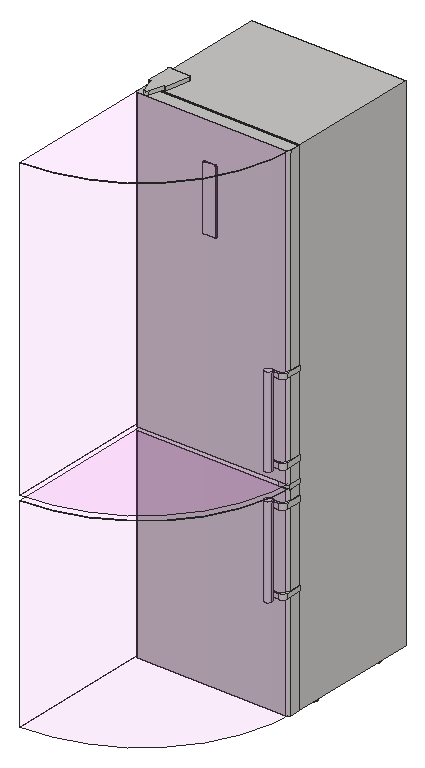
Revit family "QF_Summit_FFBF181ES2_Freezer_Refrigerator", category Specialty Equipment, Revit 2020
Family settings
  Round Connector Dimension = Use Diameter
  Part Type = Normal
  Work Plane-Based = No
  Always vertical = Yes
  Cut with Voids When Loaded = No
  Shared = No
  Room Calculation Point = No
Parameters
  Weight in Pounds = 185
  Watts = Volts * FL Amps  # 69 W
  Volts = 115 V
  URL Cutsheet = ""
  Specification by User = ""
  Specification by Manufacturer = ""
  Show RHD [instance] = not(Show LHD)  # yes
  Show LHD [instance] = no
  Show Clearance [instance] = yes
  Serial Number = ""
  Seismic Rating = ""
  SMACNA No = ""
  Revision Code = ""
  Refrigerant Volume = 0.00 kip
  Refrigerant Type = "R600a"
  Phase = 1
  Number of Poles = 1
  NAFEM Spec ID Number = ""
  Model = "FFBF181ES2"
  Min Ckt Ampacity = 0 A
  Max Overcurrent Protection = 0 A
  Masterspec = ""
  Manufacturer = "Summit"
  Length = 23 3/8"
  Item Number = ""
  Installed By = ""
  Identify Quantity as Lot = yes
  Height = 77 7/8"
  HP = ""
  Furnished By = ""
  Foodservice Equipment Identifier = yes
  FL Amps = 0.6 A
  Electrical Remarks = ""
  Electric Connection Type = ""
  Elec Conn RI Height = 0"
  Elec Conn Connection Height = 0"
  Description = "Freezer Refrigerator"
  Depth = 23 3/4"
  Default Elevation = 0"
  Cycle = 60 Hz
  Conn Plug = ""
  Conn Conduit = yes
  CSI MasterFormat = ""
  BTUH = 0.0 Btu/h
  Apparent Power = 0 VA
Reference planes (in)
  plane 1 "BACK": y = 0
  plane 2: z = 0
  plane 3 "LEFT": x = 0
  plane 4 "RIGHT": x = 23.375
  plane 5 "FRONT": y = -23.75
  plane 6 "TOP": z = 77.875
  plane 7 "Center Y": x = 11.6875
  plane 8 "Center X": y = -11.875
Dimensions and locks (in)
  equal spacing: plane 3 "LEFT", plane 7 "Center Y", plane 4 "RIGHT"
  "Length": plane 3 "LEFT" to plane 4 "RIGHT"
  equal spacing: plane 5 "FRONT", plane 8 "Center X", plane 1 "BACK"
  "Depth": plane 5 "FRONT" to plane 1 "BACK"
  "Height": plane 6 "TOP" to level
  aligned and locked: level to plane 2
Nested families (in)
  nested 1: "FFBF181ES2" at (0, -1.125, 0), Show Clearance <- "Show Clearance", Show LHD <- "Show LHD", Show RHD <- "Show RHD", type "FFBF181ES2"
    with Show RHD yes, Show LHD no, Show Clearance yes
Connectors (in)
  electrical at (17.27956, -1.09375, 2.03589), driven by "Volts", driven by "Watts"
    settings: on nested 1, index 1, voltage 115 V, apparent load 69 VA, apparent load phase1 0 VA, apparent load phase2 0 VA, apparent load phase3 0 VA, power factor 1, load classification "Other", number of poles 1, system type 30, power factor state 1, is connector primary yes, connector utility no, sub classification motor no, connector description "ELECTRICAL CONNECTION"
Definition of nested family "FFBF181ES2"
  Parameters (values of type "FFBF181ES2")
    Weight in Pounds = 0
    URL Cutsheet = ""
    Specification by User = ""
    Specification by Manufacturer = ""
    Show RHD [instance] = yes
    Show LHD [instance] = yes
    Show Clearance [instance] = yes
    Serial Number = ""
    Seismic Rating = ""
    SMACNA No = ""
    Revision Code = ""
    NAFEM Spec ID Number = ""
    Masterspec = ""
    Length = 23 3/8"
    Item Number = ""
    Installed By = ""
    Identify Quantity as Lot = yes
    Height = 77 7/8"
    Furnished By = ""
    Foodservice Equipment Identifier = yes
    Depth = 20 1/8"
    Default Elevation = 0"
    CSI MasterFormat = ""
  Reference planes (in)
    plane 1 "BACK": y = 0
    plane 2: z = 0
    plane 3 "LEFT": x = 0
    plane 4 "RIGHT": x = 23.375
    plane 5 "FRONT": y = -20.125
    plane 6 "TOP": z = 77.875
    plane 7 "Center Y": x = 11.6875
    plane 8 "Center X": y = -10.0625
    plane 9: y = 1.125
    plane 10: y = -22.625
    plane 11: y = -24.625
    plane 12: z = 0.72391
    plane 13: z = 32.36283
    plane 14: z = 31.73783
    plane 15: y = -44.25
  Forms (in)
    Extrusion 1, solid
      sketch origin (-4.12865, -180, 0.72391) x (-1, 0, 0) y (0, -1, 0)
        loop
          line (-4.12865, -180) -> (-4.12865, -159.875) -> (-27.50365, -159.875) -> (-27.50365, -180) -> (-4.12865, -180)
      from 0 to 77.15109
    Extrusion 2, solid
      sketch origin (-4.12865, -180, 77.875) x (-1, 0, 0) y (0, -1, 0)
        loop
          line (-4.12865, -159.625) -> (-4.12865, -158.19787)
          arc (-4.12865, -158.19787) -> (-4.26504, -157.85467) -> (-4.59981, -157.69871) r 0.5
          arc (-4.59981, -157.69871) -> (-15.81615, -157.375) -> (-27.03248, -157.69871) r 194.48356
          arc (-27.03248, -157.69871) -> (-27.36725, -157.85467) -> (-27.50365, -158.19787) r 0.5
          line (-27.50365, -158.19787) -> (-27.50365, -159.625) -> (-4.12865, -159.625)
      from 0 to -45.51217
    Extrusion 3, solid
      sketch origin (-10.42941, -180, 31.73783) x (-1, 0, 0) y (0, -1, 0)
        loop
          line (-10.42941, -159.625) -> (-10.42941, -158.19787)
          arc (-10.42941, -158.19787) -> (-10.5658, -157.85467) -> (-10.90057, -157.69871) r 0.5
          arc (-10.90057, -157.69871) -> (-22.11691, -157.375) -> (-33.33324, -157.69871) r 194.48356
          arc (-33.33324, -157.69871) -> (-33.66801, -157.85467) -> (-33.80441, -158.19787) r 0.5
          line (-33.80441, -158.19787) -> (-33.80441, -159.625) -> (-10.42941, -159.625)
      from 0 to -31.01392
    Extrusion 4, solid
      sketch origin (0, 0, 0) x (1, 0, 0) y (0, 1, 0)
        loop
          line (0.16203, -20.125) -> (0.16203, -20.375) -> (23.21297, -20.375) -> (23.21297, -20.125) -> (0.16203, -20.125)
      from 1.03875 to 31.47842
    Extrusion 5, solid
      sketch origin (-10.42941, -180, 32.36283) x (-1, 0, 0) y (0, -1, 0)
        loop
          line (-10.59144, -159.875) -> (-10.59144, -159.625) -> (-33.64238, -159.625) -> (-33.64238, -159.875) -> (-10.59144, -159.875)
      from 0.31289 to 45.09216
    Extrusion 6, solid, visible <- "Show LHD"
      sketch origin (-6.16249, -180, 30.27894) x (-1, 0, 0) y (0, -1, 0)
        loop
          line (-6.16249, -159.54187) -> (-5.91249, -159.54187) -> (-5.91249, -157.19756)
          arc (-5.91249, -157.19756) -> (-6.13216, -156.66723) -> (-6.66249, -156.44756) r 0.75
          line (-6.66249, -156.44756) -> (-8.04107, -156.44756) -> (-8.04107, -156.69756) -> (-6.83874, -156.69756)
          arc (-6.83874, -156.69756) -> (-6.36056, -156.89563) -> (-6.16249, -157.37382) r 0.67625
          line (-6.16249, -157.37382) -> (-6.16249, -159.54187)
      from 0 to -0.81452
    Extrusion 7, solid, visible <- "Show LHD"
      sketch origin (-6.16249, -180, 17.21644) x (-1, 0, 0) y (0, -1, 0)
        loop
          line (-6.16249, -159.54187) -> (-5.91249, -159.54187) -> (-5.91249, -157.19756)
          arc (-5.91249, -157.19756) -> (-6.13216, -156.66723) -> (-6.66249, -156.44756) r 0.75
          line (-6.66249, -156.44756) -> (-8.04107, -156.44756) -> (-8.04107, -156.69756) -> (-6.83874, -156.69756)
          arc (-6.83874, -156.69756) -> (-6.36056, -156.89563) -> (-6.16249, -157.37382) r 0.67625
          line (-6.16249, -157.37382) -> (-6.16249, -159.54187)
      from 0 to 0.69512
    Extrusion 8, solid, visible <- "Show LHD"
      sketch origin (-6.16249, -180, 34.94671) x (0, 1, 0) y (1, 0, 0)
        loop
          line (159.54187, 6.16249) -> (157.37382, 6.16249)
          arc (157.37382, 6.16249) -> (156.89563, 6.36056) -> (156.69756, 6.83874) r 0.67625
          line (156.69756, 6.83874) -> (156.69756, 8.04107) -> (156.44756, 8.04107) -> (156.44756, 6.66249)
          arc (156.44756, 6.66249) -> (156.66723, 6.13216) -> (157.19756, 5.91249) r 0.75
          line (157.19756, 5.91249) -> (159.54187, 5.91249) -> (159.54187, 6.16249)
      from 0 to -0.81452
    Extrusion 9, solid, visible <- "Show LHD"
      sketch origin (-6.16249, -180, 48.00921) x (0, 1, 0) y (1, 0, 0)
        loop
          line (159.54187, 6.16249) -> (157.37382, 6.16249)
          arc (157.37382, 6.16249) -> (156.89563, 6.36056) -> (156.69756, 6.83874) r 0.67625
          line (156.69756, 6.83874) -> (156.69756, 8.04107) -> (156.44756, 8.04107) -> (156.44756, 6.66249)
          arc (156.44756, 6.66249) -> (156.66723, 6.13216) -> (157.19756, 5.91249) r 0.75
          line (157.19756, 5.91249) -> (159.54187, 5.91249) -> (159.54187, 6.16249)
      from 0 to 0.69512
    Extrusion 10, solid, visible <- "Show LHD"
      sketch origin (0, 0, 0) x (1, 0, 0) y (0, 1, 0)
        loop
          circle (1.67323, -24.08872) r 0.53628
      from 48.24446 to 34.68257
    Extrusion 11, solid, visible <- "Show LHD"
      sketch origin (0, 0, 0) x (1, 0, 0) y (0, 1, 0)
        loop
          circle (1.67323, -24.08872) r 0.53628
      from 30.54934 to 16.88204
    Extrusion 12, solid
      sketch origin (0, 0, 0) x (1, 0, 0) y (0, 0, 1)
        loop
          arc (10.91713, 72.40711) -> (10.74035, 72.33389) -> (10.66713, 72.15711) r 0.25
          line (10.66713, 72.15711) -> (10.66713, 62.71961)
          arc (10.66713, 62.71961) -> (10.74035, 62.54284) -> (10.91713, 62.46961) r 0.25
          line (10.91713, 62.46961) -> (12.41713, 62.46961)
          arc (12.41713, 62.46961) -> (12.5939, 62.54284) -> (12.66713, 62.71961) r 0.25
          line (12.66713, 62.71961) -> (12.66713, 72.15711)
          arc (12.66713, 72.15711) -> (12.5939, 72.33389) -> (12.41713, 72.40711) r 0.25
          line (12.41713, 72.40711) -> (10.91713, 72.40711)
      from 22.54139 to 22.70061
    Extrusion 13, solid
      sketch origin (0, 0, 0) x (0, 1, 0) y (0, 0, 1)
        loop
          line (-20.125, 32.36283) -> (-22.11198, 32.36283) -> (-22.11198, 31.73783) -> (-20.125, 31.73783) -> (-20.125, 32.36283)
      from 21.80681 to 23.375
    Extrusion 14, solid
      sketch origin (-10.42941, -180, 31.73783) x (-1, 0, 0) y (0, -1, 0)
        loop
          line (-12.92941, -181.125) -> (-12.92941, -180) -> (-13.8691, -180.34202) -> (-30.3691, -180.34202) -> (-31.36691, -180) -> (-31.36691, -181.125) -> (-12.92941, -181.125)
      from 0 to -3
    Extrusion 15, solid, visible <- "Show LHD"
      sketch origin (-4.12865, -180, 77.875) x (-1, 0, 0) y (0, -1, 0)
        loop
          arc (-24.43797, -164.17633) -> (-24.2841, -164.1054) -> (-24.23811, -163.94233) r 0.20235
          line (-24.23811, -163.94233) -> (-24.82469, -160.23883) -> (-25.13719, -160.23883) -> (-25.81903, -158.14033)
          arc (-25.81903, -158.14033) -> (-26.13284, -157.90812) -> (-26.45457, -158.12924) r 0.33613
          line (-26.45457, -158.12924) -> (-27.2224, -160.23883) -> (-27.50365, -160.23883) -> (-27.50365, -163.84331)
          arc (-27.50365, -163.84331) -> (-27.40611, -164.07879) -> (-27.17063, -164.17633) r 0.33302
          line (-27.17063, -164.17633) -> (-24.43797, -164.17633)
      from 0 to 0.5
    Revolve 16, solid
      sketch origin (-240, -16.125, 7.79812) x (0, 0, 1) y (-1, 0, 0)
        loop
          line (-7.07421, -241.14046) -> (-7.79812, -241.14046) -> (-7.79812, -241.89046) -> (-7.29812, -241.89046) -> (-7.29812, -241.39046) -> (-7.07421, -241.39046) -> (-7.07421, -241.14046)
        axis (-7.79812, -241.14046) -> (-7.07421, -241.14046)
      angle from 0 to 360
    Revolve 17, solid
      sketch origin (-240, -16.125, 7.79812) x (0, 0, 1) y (-1, 0, 0)
        loop
          line (-7.07421, -261.98454) -> (-7.07421, -261.73454) -> (-7.29812, -261.73454) -> (-7.29812, -261.23454) -> (-7.79812, -261.23454) -> (-7.79812, -261.98454) -> (-7.07421, -261.98454)
        axis (-7.79812, -261.98454) -> (-7.07421, -261.98454)
      angle from 0 to 360
    Revolve 18, solid
      sketch origin (-240, -4, 7.79812) x (0, 0, 1) y (1, 0, 0)
        loop
          line (-7.07421, 241.14046) -> (-7.07421, 241.39046) -> (-7.29812, 241.39046) -> (-7.29812, 241.89046) -> (-7.79812, 241.89046) -> (-7.79812, 241.14046) -> (-7.07421, 241.14046)
        axis (-7.79812, 241.14046) -> (-7.07421, 241.14046)
      angle from 0 to 360
    Revolve 19, solid
      sketch origin (-240, -4, 7.79812) x (0, 0, 1) y (1, 0, 0)
        loop
          line (-7.07421, 261.98454) -> (-7.79812, 261.98454) -> (-7.79812, 261.23454) -> (-7.29812, 261.23454) -> (-7.29812, 261.73454) -> (-7.07421, 261.73454) -> (-7.07421, 261.98454)
        axis (-7.79812, 261.98454) -> (-7.07421, 261.98454)
      angle from 0 to 360
    Extrusion 20, solid, visible <- "Show LHD"
      sketch origin (-4.12865, -180, 77.875) x (-1, 0, 0) y (0, -1, 0)
        loop
          line (-27.50365, -159.625) -> (-4.134, -159.625)
          arc (-4.134, -159.625) -> (-10.79919, -142.77411) -> (-27.50365, -135.75) r 23.375
          line (-27.50365, -135.75) -> (-27.50365, -159.625)
      from 0 to -45.51217
    Extrusion 21, solid, visible <- "Show LHD"
      sketch origin (-10.42941, -180, 31.73783) x (-1, 0, 0) y (0, -1, 0)
        loop
          line (-33.80441, -159.625) -> (-10.43475, -159.625)
          arc (-10.43475, -159.625) -> (-17.09994, -142.77411) -> (-33.80441, -135.75) r 23.375
          line (-33.80441, -135.75) -> (-33.80441, -159.625)
      from 0 to -31.01392
    Extrusion 22, solid
      sketch origin (0, 0, 0) x (1, 0, 0) y (0, 0, 1)
        loop
          circle (17.27956, 2.03589) r 0.25
      from 0 to -0.03125
    Extrusion 23, solid, visible <- "Show RHD"
      sketch origin (29.53749, -180, 30.27894) x (1, 0, 0) y (0, 1, 0)
        loop
          line (-6.16249, 159.54187) -> (-6.16249, 157.37382)
          arc (-6.16249, 157.37382) -> (-6.36056, 156.89563) -> (-6.83874, 156.69756) r 0.67625
          line (-6.83874, 156.69756) -> (-8.04107, 156.69756) -> (-8.04107, 156.44756) -> (-6.66249, 156.44756)
          arc (-6.66249, 156.44756) -> (-6.13216, 156.66723) -> (-5.91249, 157.19756) r 0.75
          line (-5.91249, 157.19756) -> (-5.91249, 159.54187) -> (-6.16249, 159.54187)
      from 0 to -0.81452
    Extrusion 24, solid, visible <- "Show RHD"
      sketch origin (29.53749, -180, 17.21644) x (1, 0, 0) y (0, 1, 0)
        loop
          line (-6.16249, 159.54187) -> (-6.16249, 157.37382)
          arc (-6.16249, 157.37382) -> (-6.36056, 156.89563) -> (-6.83874, 156.69756) r 0.67625
          line (-6.83874, 156.69756) -> (-8.04107, 156.69756) -> (-8.04107, 156.44756) -> (-6.66249, 156.44756)
          arc (-6.66249, 156.44756) -> (-6.13216, 156.66723) -> (-5.91249, 157.19756) r 0.75
          line (-5.91249, 157.19756) -> (-5.91249, 159.54187) -> (-6.16249, 159.54187)
      from 0 to 0.69512
    Extrusion 25, solid, visible <- "Show RHD"
      sketch origin (29.53749, -180, 34.94671) x (0, -1, 0) y (-1, 0, 0)
        loop
          line (-159.54187, 6.16249) -> (-159.54187, 5.91249) -> (-157.19756, 5.91249)
          arc (-157.19756, 5.91249) -> (-156.66723, 6.13216) -> (-156.44756, 6.66249) r 0.75
          line (-156.44756, 6.66249) -> (-156.44756, 8.04107) -> (-156.69756, 8.04107) -> (-156.69756, 6.83874)
          arc (-156.69756, 6.83874) -> (-156.89563, 6.36056) -> (-157.37382, 6.16249) r 0.67625
          line (-157.37382, 6.16249) -> (-159.54187, 6.16249)
      from 0 to -0.81452
    Extrusion 26, solid, visible <- "Show RHD"
      sketch origin (29.53749, -180, 48.00921) x (0, -1, 0) y (-1, 0, 0)
        loop
          line (-159.54187, 6.16249) -> (-159.54187, 5.91249) -> (-157.19756, 5.91249)
          arc (-157.19756, 5.91249) -> (-156.66723, 6.13216) -> (-156.44756, 6.66249) r 0.75
          line (-156.44756, 6.66249) -> (-156.44756, 8.04107) -> (-156.69756, 8.04107) -> (-156.69756, 6.83874)
          arc (-156.69756, 6.83874) -> (-156.89563, 6.36056) -> (-157.37382, 6.16249) r 0.67625
          line (-157.37382, 6.16249) -> (-159.54187, 6.16249)
      from 0 to 0.69512
    Extrusion 27, solid, visible <- "Show RHD"
      sketch origin (23.375, 0, 0) x (-1, 0, 0) y (0, -1, 0)
        loop
          circle (1.67323, 24.08872) r 0.53628
      from 48.24446 to 34.68257
    Extrusion 28, solid, visible <- "Show RHD"
      sketch origin (23.375, 0, 0) x (-1, 0, 0) y (0, -1, 0)
        loop
          circle (1.67323, 24.08872) r 0.53628
      from 30.54934 to 16.88204
    Extrusion 29, solid, visible <- "Show RHD"
      sketch origin (27.50365, -180, 77.875) x (1, 0, 0) y (0, 1, 0)
        loop
          line (-27.50365, 159.625) -> (-27.50365, 135.75)
          arc (-27.50365, 135.75) -> (-10.79919, 142.77411) -> (-4.134, 159.625) r 23.375
          line (-4.134, 159.625) -> (-27.50365, 159.625)
      from 0 to -45.51217
    Extrusion 30, solid, visible <- "Show RHD"
      sketch origin (33.80441, -180, 31.73783) x (1, 0, 0) y (0, 1, 0)
        loop
          line (-33.80441, 159.625) -> (-33.80441, 135.75)
          arc (-33.80441, 135.75) -> (-17.09994, 142.77411) -> (-10.43475, 159.625) r 23.375
          line (-10.43475, 159.625) -> (-33.80441, 159.625)
      from 0 to -31.01392
    Extrusion 31, solid, visible <- "Show RHD"
      sketch origin (27.50365, -180, 77.875) x (1, 0, 0) y (0, 1, 0)
        loop
          line (-24.43797, 164.17633) -> (-27.17063, 164.17633)
          arc (-27.17063, 164.17633) -> (-27.40611, 164.07879) -> (-27.50365, 163.84331) r 0.33302
          line (-27.50365, 163.84331) -> (-27.50365, 160.23883) -> (-27.2224, 160.23883) -> (-26.45457, 158.12924)
          arc (-26.45457, 158.12924) -> (-26.13284, 157.90812) -> (-25.81903, 158.14033) r 0.33613
          line (-25.81903, 158.14033) -> (-25.13719, 160.23883) -> (-24.82469, 160.23883) -> (-24.23811, 163.94233)
          arc (-24.23811, 163.94233) -> (-24.2841, 164.1054) -> (-24.43797, 164.17633) r 0.20235
      from 0 to 0.5
  Cuts and joins
    joined: Extrusion 2, Extrusion 12
  Lines and regions (in)
    Split face 1
      outline origin (10.60463, -22.70061, 72.40711) x (-1, 0, 0) y (0, 0, -1)
        loop
          line (-0.3125, 0.25) -> (-0.3125, 5.25) -> (-1.8125, 5.25) -> (-1.8125, 0.25) -> (-0.3125, 0.25)
    symbolic lines, visible <- "Show LHD"
      curve 1: arc (0.00535, -20.375, 0) -> (0.68024, -26.47308, 0) -> (2.91862, -32.18549, 0) r 23.375
      curve 2: line (23.37273, -20.3749, 0) -> (2.91862, -32.18549, 0)
      curve 12: line (0.00004, -20.45813, 0) -> (-0.25, -20.45813, 0)
      curve 13: line (0.00004, -22.62619, 0) -> (0.00004, -20.45813, 0)
      curve 14: arc (0.00004, -22.62619, 0) -> (0.1981, -23.10436, 0) -> (0.67627, -23.30242, 0) r 0.67623
      curve 15: arc (0.5, -23.55244, 0) -> (-0.03033, -23.33277, 0) -> (-0.25, -22.80244, 0) r 0.75
      curve 16: line (-0.25, -20.45813, 0) -> (-0.25, -22.80244, 0)
      curve 17: line (1.87859, -23.30242, 0) -> (0.67627, -23.30242, 0)
      curve 18: line (0.5, -23.55244, 0) -> (1.87859, -23.55244, 0)
      curve 19: line (1.87859, -23.55244, 0) -> (1.87859, -23.30242, 0)
      curve 20: arc (2.20952, -24.08872, 0) -> (1.67323, -23.55244, 0) -> (1.13695, -24.08872, 0) r 0.53628
      curve 21: arc (1.13695, -24.08872, 0) -> (1.67323, -24.625, 0) -> (2.20952, -24.08872, 0) r 0.53628
      curve 24: line (23.37273, -20.3749, 0) -> (22.87036, -20.3749, 0)
      curve 27: line (23.21297, -20.3749, 0) -> (23.21297, -20.125, 0)
      curve 28: line (0, -20.125, 0) -> (21.12675, -20.125, 0)
      curve 29: line (0.16203, -20.125, 0) -> (0.16203, -20.375, 0)
      curve 30: line (22.96132, -20.125, 0) -> (23.375, -20.125, 0)
      curve 31: arc (23.375, -16.15669, 0) -> (23.27746, -15.92121, 0) -> (23.04198, -15.82367, 0) r 0.33302
      curve 32: line (23.04198, -15.82367, 0) -> (20.30932, -15.82367, 0)
      curve 33: arc (20.30932, -15.82367, 0) -> (20.15545, -15.8946, 0) -> (20.10946, -16.05767, 0) r 0.20235
      curve 34: line (20.10946, -16.05767, 0) -> (20.69604, -19.76117, 0)
      curve 35: line (20.69604, -19.76117, 0) -> (21.00854, -19.76117, 0)
      curve 36: line (23.09374, -19.76117, 0) -> (23.375, -19.76117, 0)
      curve 37: line (22.32592, -21.87076, 0) -> (23.09374, -19.76117, 0)
      curve 38: arc (21.69038, -21.85967, 0) -> (22.00419, -22.09187, 0) -> (22.32592, -21.87076, 0) r 0.33613
      curve 39: line (21.00854, -19.76117, 0) -> (21.69038, -21.85967, 0)
      curve 40: line (21.20798, -20.375, 0) -> (0.00535, -20.375, 0)
    symbolic lines
      curve 3: line (20.9375, 1.125, 0) -> (2.5, 1.125, 0)
      curve 4: line (2.5, 1.125, 0) -> (2.5, 0, 0)
      curve 5: line (2.5, 0, 0) -> (3.43969, 0.34202, 0)
      curve 6: line (3.43969, 0.34202, 0) -> (19.93969, 0.34202, 0)
      curve 7: line (19.93969, 0.34202, 0) -> (20.9375, 0, 0)
      curve 8: line (20.9375, 0, 0) -> (20.9375, 1.125, 0)
      curve 9: line (23.375, 0, 0) -> (0, 0, 0)
      curve 10: line (0, 0, 0) -> (0, -20.125, 0)
      curve 11: line (23.375, -20.125, 0) -> (23.375, 0, 0)
      curve 22: arc (0.00004, -21.80171, 0) -> (0.13635, -22.1447, 0) -> (0.4709, -22.30055, 0) r 0.49967
      curve 23: arc (0.4709, -22.30055, 0) -> (11.68675, -22.62425, 0) -> (22.9026, -22.30058, 0) r 194.48316
      curve 25: arc (22.9026, -22.30058, 0) -> (23.23664, -22.14496, 0) -> (23.37273, -21.80251, 0) r 0.4989
      curve 26: line (23.37273, -21.80251, 0) -> (23.37273, -20.3749, 0)
      curve 68: line (0, -20.375, 0) -> (0, -21.80213, 0)
    symbolic lines, visible <- "Show RHD"
      curve 41: arc (23.37273, -20.3749, 0) -> (22.69767, -26.47345, 0) -> (20.45898, -32.18627, 0) r 23.37651
      curve 42: line (0.00535, -20.375, 0) -> (20.45898, -32.18627, 0)
      curve 43: line (23.375, -20.45813, 0) -> (23.625, -20.45813, 0)
      curve 44: line (23.375, -22.62618, 0) -> (23.375, -20.45813, 0)
      curve 45: arc (23.375, -22.62618, 0) -> (23.17693, -23.10437, 0) -> (22.69875, -23.30244, 0) r 0.67625
      curve 46: arc (22.875, -23.55244, 0) -> (23.40533, -23.33277, 0) -> (23.625, -22.80244, 0) r 0.75
      curve 47: line (23.625, -20.45813, 0) -> (23.625, -22.80244, 0)
      curve 48: line (21.49641, -23.30244, 0) -> (22.69875, -23.30244, 0)
      curve 49: line (22.875, -23.55244, 0) -> (21.49641, -23.55244, 0)
      curve 50: line (21.49641, -23.55244, 0) -> (21.49641, -23.30244, 0)
      curve 51: arc (21.16548, -24.08872, 0) -> (21.70177, -23.55244, 0) -> (22.23805, -24.08872, 0) r 0.53628
      curve 52: arc (22.23805, -24.08872, 0) -> (21.70177, -24.625, 0) -> (21.16548, -24.08872, 0) r 0.53628
      curve 53: arc (0, -16.15669, 0) -> (0.09754, -15.92121, 0) -> (0.33302, -15.82367, 0) r 0.33302
      curve 54: line (0.33302, -15.82367, 0) -> (3.06568, -15.82367, 0)
      curve 55: arc (3.06568, -15.82367, 0) -> (3.21955, -15.8946, 0) -> (3.26554, -16.05767, 0) r 0.20235
      curve 56: line (3.26554, -16.05767, 0) -> (2.67896, -19.76117, 0)
      curve 57: line (2.67896, -19.76117, 0) -> (2.36645, -19.76117, 0)
      curve 58: line (0.28125, -19.76117, 0) -> (0, -19.76117, 0)
      curve 59: line (1.04908, -21.87076, 0) -> (0.28125, -19.76117, 0)
      curve 60: arc (1.68462, -21.85967, 0) -> (1.3708, -22.09187, 0) -> (1.04908, -21.87076, 0) r 0.33613
      curve 61: line (2.36645, -19.76117, 0) -> (1.68462, -21.85967, 0)
      curve 62: line (0.00535, -20.375, 0) -> (0.50467, -20.375, 0)
      curve 63: line (0.16203, -20.375, 0) -> (0.16203, -20.125, 0)
      curve 64: line (23.375, -20.125, 0) -> (2.24824, -20.125, 0)
      curve 65: line (23.21297, -20.125, 0) -> (23.21297, -20.3749, 0)
      curve 66: line (0.41367, -20.125, 0) -> (0, -20.125, 0)
      curve 67: line (2.16704, -20.3749, 0) -> (23.37273, -20.3749, 0)
  Dimensions and locks (in)
    equal spacing: plane 3 "LEFT", plane 7 "Center Y", plane 4 "RIGHT"
    "Length": plane 3 "LEFT" to plane 4 "RIGHT"
    equal spacing: plane 5 "FRONT", plane 8 "Center X", plane 1 "BACK"
    "Depth": plane 5 "FRONT" to plane 1 "BACK"
    "Height": plane 6 "TOP" to level
    plane 9 to plane 10 = 23 3/4"
    plane 9 to plane 1 "BACK" = 1 1/8"
    plane 6 "TOP" to plane 13 = 45.51217"
    plane 14 to plane 12 = 31.01392"
    plane 9 to plane 15 = 45 3/8"
    aligned and locked: level to plane 2
  Automatic sketch dimensions
    plane 1 "BACK" to Extrusion 1 sketch curve = 0"
    Extrusion 1 sketch curve to plane 4 "RIGHT" = 0"
    Extrusion 1 sketch curve to plane 3 "LEFT" = 0"
    plane 5 "FRONT" to Extrusion 1 sketch curve = 0"
    Extrusion 2 sketch curve to Extrusion 1 = 0"  (x2)
    Extrusion 2 sketch curve to Extrusion 2 sketch curve = 1/2"  (x2)
    Extrusion 2 sketch curve to Extrusion 1 = 11 11/16"
    Extrusion 1 to Extrusion 2 sketch curve = 171.85856"
    Extrusion 1 to Extrusion 2 sketch curve = 1/4"
    Extrusion 2 sketch curve to Extrusion 2 sketch curve = 1.42713"  (x2)
    Extrusion 2 sketch curve to Extrusion 2 sketch curve = 0"
    Extrusion 3 sketch curve to plane 4 "RIGHT" = 0"
    Extrusion 3 sketch curve to plane 7 "Center Y" = 0"
    Extrusion 3 sketch curve to plane 3 "LEFT" = 0"
    Extrusion 3 sketch curve to Extrusion 3 sketch curve = 1/2"  (x2)
    plane 9 to Extrusion 3 sketch curve = 170.73356"
    plane 5 "FRONT" to Extrusion 3 sketch curve = 1/4"
    plane 10 to Extrusion 3 sketch curve = 0.82287"  (x2)
    Extrusion 3 sketch curve to Extrusion 3 sketch curve = 0"
    plane 5 "FRONT" to Extrusion 4 sketch curve = 0"
    plane 3 "LEFT" to Extrusion 4 sketch curve = 0.16203"
    plane 4 "RIGHT" to Extrusion 4 sketch curve = 0.16203"
    plane 5 "FRONT" to Extrusion 4 sketch curve = 1/4"
    plane 5 "FRONT" to Extrusion 5 sketch curve = 0"
    plane 4 "RIGHT" to Extrusion 5 sketch curve = 0.16203"
    plane 3 "LEFT" to Extrusion 5 sketch curve = 0.16203"
    plane 5 "FRONT" to Extrusion 5 sketch curve = 1/4"
    Extrusion 6 sketch curve to plane 3 "LEFT" = 0"
    Extrusion 6 sketch curve to plane 10 = 0.17744"
    plane 3 "LEFT" to Extrusion 6 sketch curve = 1/2"
    Extrusion 6 sketch curve to Extrusion 6 sketch curve = 0.17625"
    Extrusion 6 sketch curve to Extrusion 6 sketch curve = 1.20233"
    Extrusion 6 sketch curve to plane 3 "LEFT" = 1/4"
    Extrusion 6 sketch curve to plane 10 = 0.00118"
    plane 5 "FRONT" to Extrusion 6 sketch curve = 0.33313"
    Extrusion 7 sketch curve to plane 3 "LEFT" = 0"
    Extrusion 7 sketch curve to plane 10 = 0.17744"
    plane 3 "LEFT" to Extrusion 7 sketch curve = 1/2"
    Extrusion 7 sketch curve to Extrusion 7 sketch curve = 0.17625"
    Extrusion 7 sketch curve to Extrusion 7 sketch curve = 1.20233"
    Extrusion 7 sketch curve to plane 3 "LEFT" = 1/4"
    Extrusion 7 sketch curve to plane 10 = 0.00118"
    plane 5 "FRONT" to Extrusion 7 sketch curve = 0.33313"
    Extrusion 8 sketch curve to plane 3 "LEFT" = 0"
    Extrusion 8 sketch curve to plane 10 = 0.92744"
    Extrusion 8 sketch curve to Extrusion 8 sketch curve = 1/4"
    Extrusion 8 sketch curve to plane 10 = 0.17744"
    Extrusion 8 sketch curve to plane 10 = 0.00118"
    plane 5 "FRONT" to Extrusion 8 sketch curve = 0.33313"
    Extrusion 8 sketch curve to Extrusion 8 sketch curve = 1.20233"
    Extrusion 8 sketch curve to Extrusion 8 sketch curve = 0.17625"
    Extrusion 9 sketch curve to plane 3 "LEFT" = 0"
    Extrusion 9 sketch curve to plane 10 = 0.92744"
    Extrusion 9 sketch curve to Extrusion 9 sketch curve = 1/4"
    Extrusion 9 sketch curve to plane 10 = 0.17744"
    Extrusion 9 sketch curve to plane 10 = 0.00118"
    plane 5 "FRONT" to Extrusion 9 sketch curve = 0.33313"
    Extrusion 9 sketch curve to Extrusion 9 sketch curve = 1.20233"
    Extrusion 9 sketch curve to Extrusion 9 sketch curve = 0.17625"
    plane 11 to Extrusion 10 sketch curve = 0.53628"
    plane 3 "LEFT" to Extrusion 10 sketch curve = 1.67323"
    plane 11 to Extrusion 11 sketch curve = 0.53628"
    plane 3 "LEFT" to Extrusion 11 sketch curve = 1.67323"
    Extrusion 12 sketch curve to plane 7 "Center Y" = 1.02037"
    Extrusion 12 sketch curve to Extrusion 12 sketch curve = 1/4"  (x3)
    plane 7 "Center Y" to Extrusion 12 sketch curve = 0.72963"  (x2)
    Extrusion 12 sketch curve to plane 6 "TOP" = 15.40539"
    Extrusion 12 sketch curve to plane 6 "TOP" = 5.71789"
    Split face 1 sketch curve to cut or joined group of Extrusion 2, Extrusion 12 = 1/4"  (x3)
    Split face 1 sketch curve to cut or joined group of Extrusion 2, Extrusion 12 = 4 11/16"
    Extrusion 13 sketch curve to plane 13 = 0"
    Extrusion 13 sketch curve to plane 14 = 0"
    Extrusion 13 sketch curve to plane 5 "FRONT" = 0"
    plane 10 to Extrusion 13 sketch curve = 0.51302"
    Extrusion 14 sketch curve to plane 9 = 0"
    plane 1 "BACK" to Extrusion 14 sketch curve = 0"  (x2)
    plane 4 "RIGHT" to Extrusion 14 sketch curve = 2 7/16"
    Extrusion 14 sketch curve to plane 1 "BACK" = 0.34202"
    Extrusion 14 sketch curve to Extrusion 14 sketch curve = 0.99781"
    plane 3 "LEFT" to Extrusion 14 sketch curve = 3.43969"
    Extrusion 14 sketch curve to Extrusion 14 sketch curve = 0.93969"
    Extrusion 15 sketch curve to Extrusion 1 = 0"
    Extrusion 15 sketch curve to Extrusion 15 sketch curve = 9/32"
    Extrusion 15 sketch curve to Extrusion 1 = 0.33302"
    Extrusion 15 sketch curve to Extrusion 1 = 1.04908"
    Extrusion 15 sketch curve to Extrusion 15 sketch curve = 0.31586"
    Extrusion 15 sketch curve to Extrusion 15 sketch curve = 0.31968"
    Extrusion 15 sketch curve to Extrusion 1 = 0.36383"  (x2)
    Extrusion 15 sketch curve to Extrusion 15 sketch curve = 2.08521"
    Extrusion 15 sketch curve to Extrusion 15 sketch curve = 5/16"
    Extrusion 15 sketch curve to Extrusion 15 sketch curve = 2.73266"
    Extrusion 15 sketch curve to Extrusion 15 sketch curve = 0.19986"
    Extrusion 15 sketch curve to Extrusion 1 = 3.96831"
    Extrusion 15 sketch curve to Extrusion 15 sketch curve = 0.234"
    Extrusion 1 to Extrusion 15 sketch curve = 1.6308"
    Extrusion 15 sketch curve to Extrusion 15 sketch curve = 0.10387"
    Revolve 16 sketch curve to level = 0"  (x2)
    Revolve 16 sketch curve to plane 12 = 0"
    Revolve 16 sketch curve to Revolve 16 sketch curve = 0.22391"
    plane 3 "LEFT" to Revolve 16 sketch curve = 1.89046"
    Revolve 16 sketch curve to Revolve 16 sketch curve = 1/2"
    Revolve 16 sketch curve to Revolve 16 sketch curve = 1/4"
    Revolve 16 sketch curve to Revolve 16 sketch curve = 0.13805"
    Revolve 16 sketch curve to Revolve 16 sketch curve = 0"
    Revolve 17 sketch curve to level = 0"  (x2)
    Revolve 17 sketch curve to plane 12 = 0"
    Revolve 17 sketch curve to plane 12 = 0.22391"
    plane 4 "RIGHT" to Revolve 17 sketch curve = 1.39046"
    Revolve 17 sketch curve to Revolve 17 sketch curve = 1/4"
    Revolve 17 sketch curve to Revolve 17 sketch curve = 1/2"
    Revolve 17 sketch curve to Revolve 17 sketch curve = 0.13805"
    Revolve 17 sketch curve to Revolve 17 sketch curve = 0"
    Revolve 18 sketch curve to level = 0"  (x2)
    Revolve 18 sketch curve to plane 12 = 0"
    Revolve 18 sketch curve to Revolve 18 sketch curve = 0.22391"
    plane 3 "LEFT" to Revolve 18 sketch curve = 1.14046"
    Revolve 18 sketch curve to Revolve 18 sketch curve = 1/4"
    Revolve 18 sketch curve to Revolve 18 sketch curve = 1/2"
    Revolve 18 sketch curve to Revolve 18 sketch curve = 0.13805"
    Revolve 18 sketch curve to Revolve 18 sketch curve = 0"
    Revolve 19 sketch curve to level = 0"  (x2)
    Revolve 19 sketch curve to plane 12 = 0"
    Revolve 19 sketch curve to plane 12 = 0.22391"
    plane 4 "RIGHT" to Revolve 19 sketch curve = 2.14046"
    Revolve 19 sketch curve to Revolve 19 sketch curve = 1/2"
    Revolve 19 sketch curve to Revolve 19 sketch curve = 1/4"
    Revolve 19 sketch curve to Revolve 19 sketch curve = 0.13805"
    Revolve 19 sketch curve to Revolve 19 sketch curve = 0"
    Extrusion 20 sketch curve to Extrusion 2 = 0"  (x2)
    Extrusion 20 sketch curve to Extrusion 2 = 0.00535"
    Extrusion 20 sketch curve to Extrusion 20 sketch curve = 1/2"
    Extrusion 21 sketch curve to plane 4 "RIGHT" = 0"
    Extrusion 21 sketch curve to plane 15 = 0"
    plane 3 "LEFT" to Extrusion 21 sketch curve = 0.00535"
    plane 1 "BACK" to Extrusion 21 sketch curve = 20 7/8"
    plane 12 to Extrusion 22 sketch curve = 1.31198"
    plane 7 "Center Y" to Extrusion 22 sketch curve = 5.59206"
    Extrusion 23 sketch curve to plane 4 "RIGHT" = 0"
    Extrusion 23 sketch curve to plane 10 = 0.17744"
    plane 4 "RIGHT" to Extrusion 23 sketch curve = 1/2"
    Extrusion 23 sketch curve to Extrusion 23 sketch curve = 0.17625"
    Extrusion 23 sketch curve to Extrusion 23 sketch curve = 1.20233"
    Extrusion 23 sketch curve to plane 4 "RIGHT" = 1/4"
    Extrusion 23 sketch curve to Extrusion 23 sketch curve = 1/4"
    plane 5 "FRONT" to Extrusion 23 sketch curve = 0.33313"
    Extrusion 24 sketch curve to plane 4 "RIGHT" = 0"
    Extrusion 24 sketch curve to plane 10 = 0.17744"
    plane 4 "RIGHT" to Extrusion 24 sketch curve = 1/2"
    Extrusion 24 sketch curve to Extrusion 24 sketch curve = 0.17625"
    Extrusion 24 sketch curve to Extrusion 24 sketch curve = 1.20233"
    Extrusion 24 sketch curve to plane 4 "RIGHT" = 1/4"
    Extrusion 24 sketch curve to Extrusion 24 sketch curve = 1/4"
    plane 5 "FRONT" to Extrusion 24 sketch curve = 0.33313"
    Extrusion 25 sketch curve to plane 4 "RIGHT" = 0"
    plane 5 "FRONT" to Extrusion 25 sketch curve = 0.33313"
    Extrusion 25 sketch curve to plane 10 = 0.00118"
    Extrusion 25 sketch curve to plane 10 = 0.17744"
    Extrusion 25 sketch curve to plane 10 = 0.67744"
    Extrusion 25 sketch curve to Extrusion 25 sketch curve = 1/4"
    Extrusion 25 sketch curve to Extrusion 25 sketch curve = 1.20233"
    Extrusion 25 sketch curve to Extrusion 25 sketch curve = 0.17625"
    Extrusion 26 sketch curve to plane 4 "RIGHT" = 0"
    plane 5 "FRONT" to Extrusion 26 sketch curve = 0.33313"
    Extrusion 26 sketch curve to plane 10 = 0.00118"
    Extrusion 26 sketch curve to plane 10 = 0.17744"
    Extrusion 26 sketch curve to plane 10 = 0.67744"
    Extrusion 26 sketch curve to Extrusion 26 sketch curve = 1/4"
    Extrusion 26 sketch curve to Extrusion 26 sketch curve = 1.20233"
    Extrusion 26 sketch curve to Extrusion 26 sketch curve = 0.17625"
    Extrusion 27 sketch curve to plane 11 = 0.53628"
    Extrusion 27 sketch curve to plane 4 "RIGHT" = 1.67323"
    Extrusion 28 sketch curve to plane 11 = 0.53628"
    Extrusion 28 sketch curve to plane 4 "RIGHT" = 1.67323"
    Extrusion 29 sketch curve to Extrusion 2 = 0"  (x2)
    Extrusion 29 sketch curve to Extrusion 2 = 0.00535"
    Extrusion 29 sketch curve to Extrusion 29 sketch curve = 1/2"
    Extrusion 30 sketch curve to plane 3 "LEFT" = 0"
    Extrusion 30 sketch curve to plane 15 = 0"
    plane 4 "RIGHT" to Extrusion 30 sketch curve = 0.00535"
    plane 1 "BACK" to Extrusion 30 sketch curve = 20 7/8"
    Extrusion 31 sketch curve to Extrusion 1 = 0"
    Extrusion 31 sketch curve to Extrusion 1 = 9/32"
    Extrusion 31 sketch curve to Extrusion 1 = 0.33302"
    Extrusion 31 sketch curve to Extrusion 1 = 1.04908"
    Extrusion 31 sketch curve to Extrusion 31 sketch curve = 0.31586"
    Extrusion 31 sketch curve to Extrusion 31 sketch curve = 0.31968"
    Extrusion 31 sketch curve to Extrusion 1 = 0.36383"  (x2)
    Extrusion 31 sketch curve to Extrusion 31 sketch curve = 2.08521"
    Extrusion 31 sketch curve to Extrusion 31 sketch curve = 5/16"
    Extrusion 31 sketch curve to Extrusion 31 sketch curve = 2.73266"
    Extrusion 31 sketch curve to Extrusion 31 sketch curve = 0.19986"
    Extrusion 1 to Extrusion 31 sketch curve = 1.6308"
    Extrusion 31 sketch curve to Extrusion 31 sketch curve = 0.10387"
    Extrusion 31 sketch curve to Extrusion 31 sketch curve = 3.60448"
    Extrusion 31 sketch curve to Extrusion 31 sketch curve = 0.234"
    curve 20 to curve 21 = 0"  (x2)
    curve 51 to curve 52 = 0"  (x2)
    plane 1 "BACK" to curve 10 = 0"
    curve 10 to plane 3 "LEFT" = 0"
    curve 68 to plane 3 "LEFT" = 0"
    plane 5 "FRONT" to curve 63 = 0"
    curve 3 to plane 9 = 0"
    curve 30 to plane 4 "RIGHT" = 0"
    curve 44 to plane 4 "RIGHT" = 0"
    curve 1 to plane 4 "RIGHT" = 0"
    curve 16 to plane 3 "LEFT" = 1/4"
    plane 3 "LEFT" to curve 13 = 0.00004"
    plane 3 "LEFT" to curve 41 = 0.00157"
    plane 3 "LEFT" to curve 42 = 0.00535"
    plane 3 "LEFT" to curve 58 = 9/32"
    plane 3 "LEFT" to curve 53 = 0.33302"
    curve 22 to curve 22 = 0.49967"
    plane 3 "LEFT" to curve 18 = 1/2"
    curve 14 to plane 10 = 0.00119"
    curve 15 to curve 14 = 0.17627"
    curve 22 to curve 59 = 0.54936"
    curve 60 to curve 60 = 0.31586"
    plane 11 to curve 20 = 0.53628"
    curve 17 to curve 20 = 0.99696"
    plane 10 to curve 61 = 0.76533"
    curve 60 to curve 61 = 0.31968"
    curve 21 to curve 18 = 0.20535"
    curve 61 to plane 5 "FRONT" = 0.36383"
    curve 58 to curve 61 = 2.0852"
    plane 3 "LEFT" to curve 3 = 2 1/2"
    curve 57 to curve 56 = 5/16"
    plane 3 "LEFT" to curve 2 = 2.91862"
    curve 53 to curve 55 = 2.73266"
    curve 55 to curve 56 = 0.19986"
    curve 6 to plane 1 "BACK" = 0.34202"
    curve 4 to curve 6 = 0.93969"
    curve 23 to plane 7 "Center Y" = 0.00052"
    plane 4 "RIGHT" to curve 6 = 3.43531"
    plane 4 "RIGHT" to curve 34 = 3.26554"
    curve 34 to curve 32 = 0.19986"
    plane 4 "RIGHT" to curve 42 = 2.91602"
    curve 34 to plane 5 "FRONT" = 0.36383"
    plane 4 "RIGHT" to curve 34 = 2.67896"
    curve 6 to curve 8 = 0.99781"
    curve 34 to curve 35 = 5/16"
    curve 50 to plane 10 = 0.92744"
    plane 4 "RIGHT" to curve 50 = 1.87859"
    plane 10 to curve 39 = 0.76533"
    curve 48 to curve 39 = 0.19397"
    curve 49 to curve 52 = 0.20535"
    curve 39 to curve 38 = 0.31968"
    plane 10 to curve 37 = 0.75424"
    curve 38 to curve 37 = 0.31586"
    plane 4 "RIGHT" to curve 48 = 0.67625"
    plane 4 "RIGHT" to curve 25 = 0.50117"
    curve 45 to curve 46 = 0.17625"
    plane 4 "RIGHT" to curve 31 = 0.33302"
    plane 4 "RIGHT" to curve 37 = 9/32"
    plane 4 "RIGHT" to curve 67 = 0.00227"
    curve 43 to plane 4 "RIGHT" = 1/4"
    curve 2 to plane 11 = 7.56049"
    curve 42 to plane 11 = 7.56127"
    plane 11 to curve 52 = 0.53628"
    curve 19 to curve 17 = 1/4"
    curve 49 to curve 50 = 1/4"
    curve 59 to curve 60 = 0.01109"
    curve 37 to curve 25 = 0.06825"
    curve 59 to curve 22 = 0.06905"
    curve 25 to curve 1 = 0.92751"
    curve 41 to curve 1 = 0.49954"
    curve 47 to curve 41 = 0.08323"
    curve 16 to curve 40 = 0.08313"
    curve 64 to plane 5 "FRONT" = 0"
    curve 59 to plane 5 "FRONT" = 0.36383"
    curve 37 to plane 5 "FRONT" = 0.36383"
    curve 36 to curve 31 = 3.60447"
    curve 58 to curve 53 = 3.60448"
    curve 34 to curve 32 = 0.234"
    curve 56 to curve 55 = 0.234"
    plane 9 to curve 23 = 170.73391"
    curve 1 to curve 63 = 0.15668"
    curve 29 to curve 63 = 0"
    curve 23 to curve 22 = 0"
    curve 20 to curve 20 = 0.53628"
    curve 51 to curve 51 = 0.53628"
    curve 27 to curve 2 = 0.15976"
    curve 65 to curve 27 = 0"
    curve 68 to curve 22 = 0.00041"
    curve 68 to curve 40 = 0"
    radius of Extrusion 10 sketch curve = 0.53628"
    radius of Extrusion 11 sketch curve = 0.53628"
    radius of Extrusion 22 sketch curve = 1/4"
    radius of Extrusion 27 sketch curve = 0.53628"
    radius of Extrusion 28 sketch curve = 0.53628"
